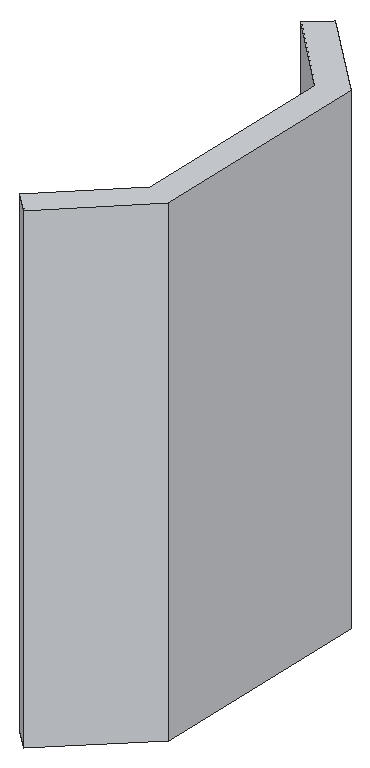
Revit family "АВЛН_Ширма", category Мебель, Revit 2019
Family settings
  Номер OmniClass = 23.40.20.00
  Заголовок OmniClass = General Furniture and Specialties
  На основе рабочей плоскости = Нет
  Всегда вертикально = Да
  При загрузке вырезать с полостями = Нет
  Общий = Нет
  Точка расчета площади = Нет
Parameters (values of type "Ширма 2х секционная")
  Описание = "Ширма 2х секционная на металлической трубе,\r\n1600х1700(h)"
  Type Comments = ""
  Keynote = ""
  Manufacturer = ""
  Группа модели = "Артистрические"
  ADSK_Размер_Ширина = 1600 mm
  ADSK_Размер_Длина = 1700 mm
  ADSK_Размер_Высота = 1800 mm
  ADSK_Обозначение = ""
  ADSK_Масса = 0
  ADSK_Код изделия = ""
  ADSK_Единица измерения = "шт"  # constant formula
Types (3, lengths in mm): name | Группа модели
  (no name) | "Артистрические"
  Ширма 2х секционная | "Артистрические"
  Ширма 2х секционная на металлической трубе | "Оборудование основных помещений\r\nшколы"
Reference planes
  plane 1 "По центру (Вперед/Назад)": y = 0
  plane 2: z = 0
  plane 3 "По центру (Влево/Вправо)": x = 0
  plane 4: z = 1800
  plane 5: y = 800
  plane 6: x = 850
  plane 7: x = -850
  plane 8: y = -800
Forms (mm)
  Extrusion 1, solid
    sketch origin (0, -518.993, 592.976) x (-1, 0, 0) y (0, -1, 0)
      loop
        line (-122.612, -942.842) -> (-122.455, -175.685) -> (148.832, 95.49) -> (78.136, 166.216) -> (-222.446, -134.243) -> (-222.62, -984.243) -> (77.839, -1284.825) -> (148.564, -1214.129) -> (-122.612, -942.842)
    from -592.976 to 1207.024
Dimensions and locks
  plane 2 to plane 4 = 1800 mm
  equal spacing: plane 8, plane 1 "По центру (Вперед/Назад)", plane 5
  equal spacing: plane 7, plane 3 "По центру (Влево/Вправо)", plane 6
  "ADSK_Размер_Длина": plane 7 to plane 6
  "ADSK_Размер_Ширина": plane 5 to plane 8
  "ADSK_Размер_Высота": plane 2 to plane 4
  aligned and locked: level to plane 2
  aligned and locked: Extrusion 1 to plane 4
  aligned and locked: Extrusion 1 to level
Automatic sketch dimensions
  plane 3 "По центру (Влево/Вправо)" to Extrusion 1 sketch curve = 222.62 mm
  plane 3 "По центру (Влево/Вправо)" to Extrusion 1 sketch curve = 222.446 mm
  Extrusion 1 sketch curve to Extrusion 1 sketch curve = 100.008 mm
  Extrusion 1 sketch curve to Extrusion 1 sketch curve = 99.992 mm
  Extrusion 1 sketch curve to plane 5 = 34.168 mm
  Extrusion 1 sketch curve to plane 3 "По центру (Влево/Вправо)" = 77.839 mm
  Extrusion 1 sketch curve to plane 3 "По центру (Влево/Вправо)" = 78.136 mm
  Extrusion 1 sketch curve to plane 5 = 104.864 mm
  Extrusion 1 sketch curve to Extrusion 1 sketch curve = 70.725 mm
  Extrusion 1 sketch curve to Extrusion 1 sketch curve = 70.696 mm
  plane 1 "По центру (Вперед/Назад)" to Extrusion 1 sketch curve = 343.308 mm
  Extrusion 1 sketch curve to Extrusion 1 sketch curve = 41.442 mm
